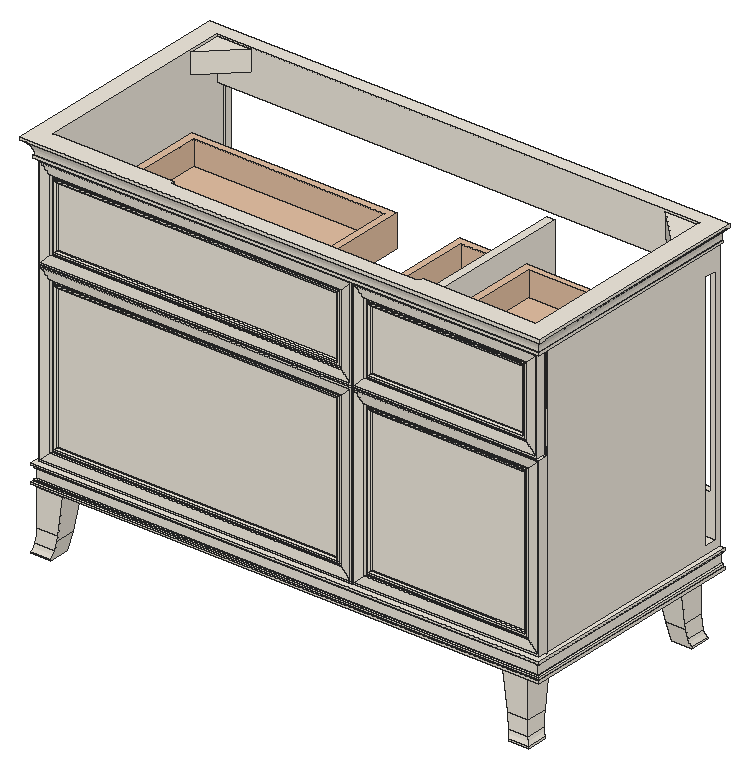
Revit family "Furniture-Floor_Mount-Vanity-KOHLER-Artifacts-K-29481_1", category Casework, host Face, Revit 2021 (continued)
Definition of nested family "K-29481"
  Forms (in)
    Extrusion 102, solid, material <- "Material"
      sketch origin (-12.08136, 0, 0.0026) x (-1, 0, 0) y (0, 0, -1)
        loop
          line (16.15266, -9.03167) -> (14.90599, -9.03167)
      from -6.09855 to 8.99595
    Extrusion 103, solid, material <- "Material", detail levels medium+fine
      sketch origin (-0.07671, 0, -15.15754) x (-1, 0, 0) y (0, 0, -1)
        loop
          line (27.30906, -25.89359) -> (27.30906, -25.76761) -> (27.44685, -25.76761) -> (27.44685, -25.23611) -> (26.58071, -25.23611) -> (26.58071, -25.89359) -> (27.30906, -25.89359)
      from -8.62158 to -8.05131
    Extrusion 104, solid, material <- "Material", detail levels coarse
      sketch origin (-0.15544, 0, 0) x (-1, 0, 0) y (0, -1, 0)
        loop
          line (27.59963, -8.68123) -> (27.59963, -8.28753) -> (26.31024, -8.28753) -> (26.31024, -8.68123) -> (27.59963, -8.68123)
      from 9.13364 to 10.90435
    Revolve 105, solid, detail levels medium+fine
      sketch origin (15.72735, 198.25791, 54.66114) x (0, 0, 1) y (0, -1, 0)
        loop
          line (-54.75956, 189.2126) -> (-54.29455, 189.2126) -> (-54.29455, 189.64567) -> (-54.69443, 189.56794)
          arc (-54.69443, 189.56794) -> (-54.74118, 189.54013) -> (-54.75956, 189.48893) r 0.08049
          line (-54.75956, 189.48893) -> (-54.75956, 189.2126)
        axis (-54.75956, 189.2126) -> (-54.29455, 189.2126)
      angle from 0 to 360
    Revolve 106, solid, detail levels medium+fine
      sketch origin (15.72735, -198.82385, 54.66114) x (0, 0, 1) y (0, -1, 0)
        loop
          line (-54.75956, -189.2126) -> (-54.75956, -189.48893)
          arc (-54.75956, -189.48893) -> (-54.74118, -189.54013) -> (-54.69443, -189.56794) r 0.08049
          line (-54.69443, -189.56794) -> (-54.29455, -189.64567) -> (-54.29455, -189.2126) -> (-54.75956, -189.2126)
        axis (-54.75956, -189.2126) -> (-54.29455, -189.2126)
      angle from 0 to 360
    Revolve 107, solid, detail levels medium+fine
      sketch origin (-28.48325, 198.25791, 54.66114) x (0, 0, 1) y (0, 1, 0)
        loop
          line (-54.75956, -189.2126) -> (-54.75956, -189.48893)
          arc (-54.75956, -189.48893) -> (-54.74118, -189.54013) -> (-54.69443, -189.56794) r 0.08049
          line (-54.69443, -189.56794) -> (-54.29455, -189.64567) -> (-54.29455, -189.2126) -> (-54.75956, -189.2126)
        axis (-54.75956, -189.2126) -> (-54.29455, -189.2126)
      angle from 0 to 360
    Revolve 108, solid, detail levels medium+fine
      sketch origin (-28.48325, -198.82385, 54.66114) x (0, 0, 1) y (0, 1, 0)
        loop
          line (-54.75956, 189.2126) -> (-54.29455, 189.2126) -> (-54.29455, 189.64567) -> (-54.69443, 189.56794)
          arc (-54.69443, 189.56794) -> (-54.74118, 189.54013) -> (-54.75956, 189.48893) r 0.08049
          line (-54.75956, 189.48893) -> (-54.75956, 189.2126)
        axis (-54.75956, 189.2126) -> (-54.29455, 189.2126)
      angle from 0 to 360
    Extrusion 109, void
      sketch origin (0, 0, 0) x (1, 0, 0) y (0, 0, 1)
        loop
          line (15.53741, 9.39353) -> (15.53741, 10.01353)
          arc (15.53741, 10.01353) -> (15.51836, 10.05952) -> (15.47237, 10.07857) r 0.06503
          line (15.47237, 10.07857) -> (14.43627, 10.07857)
          arc (14.43627, 10.07857) -> (14.38808, 10.05861) -> (14.36811, 10.01041) r 0.06815
          line (14.36811, 10.01041) -> (14.36811, 9.39353) -> (15.53741, 9.39353)
        loop
          line (4.65822, 10.07857) -> (3.62211, 10.07857)
          arc (3.62211, 10.07857) -> (3.57613, 10.05952) -> (3.55708, 10.01353) r 0.06503
          line (3.55708, 10.01353) -> (3.55708, 9.39353) -> (4.72637, 9.39353) -> (4.72637, 10.01041)
          arc (4.72637, 10.01041) -> (4.70641, 10.05861) -> (4.65822, 10.07857) r 0.06815
        loop
          line (0.88605, 9.39353) -> (0.88605, 10.01353)
          arc (0.88605, 10.01353) -> (0.867, 10.05952) -> (0.82101, 10.07857) r 0.06503
          line (0.82101, 10.07857) -> (-0.21509, 10.07857)
          arc (-0.21509, 10.07857) -> (-0.26328, 10.05861) -> (-0.28324, 10.01041) r 0.06815
          line (-0.28324, 10.01041) -> (-0.28324, 9.39353) -> (0.88605, 9.39353)
        loop
          line (-27.50591, 10.01353) -> (-27.50591, 9.39353) -> (-26.33662, 9.39353) -> (-26.33662, 10.01041)
          arc (-26.33662, 10.01041) -> (-26.35658, 10.05861) -> (-26.40477, 10.07857) r 0.06815
          line (-26.40477, 10.07857) -> (-27.44087, 10.07857)
          arc (-27.44087, 10.07857) -> (-27.48686, 10.05952) -> (-27.50591, 10.01353) r 0.06503
      from -7.21545 to 9.84252
  Cuts and joins
    joined: Sweep 7, Extrusion 8
    joined: Sweep 10, Extrusion 12
    joined: Extrusion 4, Sweep 5, Extrusion 6, Extrusion 9, Sweep 11, Extrusion 13
    Extrusion 15 cuts Extrusion 14
    Extrusion 15 cuts Extrusion 16
    Extrusion 19 cuts Extrusion 17
    Extrusion 19 cuts Extrusion 18
    Extrusion 3, Extrusion 73, Extrusion 95, Extrusion 97 cuts Sweep 1
    Extrusion 3, Extrusion 74, Extrusion 95, Extrusion 97 cuts Extrusion 2
    joined: Sweep 1, Extrusion 2
    Extrusion 28, Extrusion 109 cuts Extrusion 29
    Extrusion 3 cuts Sweep 75
    Extrusion 3, Extrusion 95 cuts Extrusion 76
    joined: Sweep 75, Extrusion 76
    joined: Sweep 79, Extrusion 80
    joined: Sweep 81, Extrusion 82
    joined: Extrusion 85, Sweep 86
    joined: Sweep 83, Extrusion 84
    Extrusion 96, Extrusion 109 cuts Extrusion 21
    Extrusion 109 cuts Extrusion 23
    Extrusion 109 cuts Extrusion 27
  Lines and regions (in)
    Masking region 1
      outline origin (0, 1.36413, 0) x (0, 1, 0) y (0, 0, 1)
        loop
          line (-12.56492, 34.48797) -> (-12.56492, 34.17301)
          arc (-12.56492, 34.17301) -> (-12.01259, 33.64898) -> (-11.81689, 32.91319) r 1.39763
          line (-11.81689, 32.91319) -> (-11.935, 32.91319) -> (-11.935, 32.67697) -> (-10.83264, 32.67697) -> (-10.83264, 27.71645) -> (-10.87129, 27.71645)
          arc (-10.87129, 27.71645) -> (-10.9274, 27.69321) -> (-10.95064, 27.63709) r 0.07936
          line (-10.95064, 27.63709) -> (-10.95064, 32.55897) -> (-11.73804, 32.55897) -> (-11.73804, 23.97629) -> (-10.95064, 23.97629) -> (-10.95064, 24.76369) -> (-10.83264, 24.76369) -> (-10.83264, 15.51233) -> (-10.8725, 15.51233)
          arc (-10.8725, 15.51233) -> (-10.92775, 15.48944) -> (-10.95064, 15.43419) r 0.07814
          line (-10.95064, 15.43419) -> (-10.95064, 23.85848) -> (-11.73804, 23.85848) -> (-11.73804, 7.63801) -> (-10.95064, 7.63801) -> (-10.95064, 9.60682) -> (-10.83264, 9.60682) -> (-10.83264, 7.51946) -> (-12.09248, 7.51946) -> (-12.09248, 7.28324) -> (-11.97433, 7.28324) -> (-11.97433, 7.16513)
          arc (-11.97433, 7.16513) -> (-11.92386, 7.11349) -> (-11.89563, 7.04702) r 0.19515
          line (-11.89563, 7.04702) -> (-11.77748, 7.04702) -> (-11.77748, 6.18088) -> (-11.89563, 6.18088)
          arc (-11.89563, 6.18088) -> (-11.92383, 6.11439) -> (-11.97433, 6.06277) r 0.19455
          line (-11.97433, 6.06277) -> (-11.97433, 5.94466) -> (-12.09248, 5.94466) -> (-12.09248, 5.70844) -> (-11.77641, 5.70844) -> (-11.77641, 2.07893)
          arc (-11.77641, 2.07893) -> (-11.79711, 1.43081) -> (-11.85913, 0.78533) r 10.15706
          arc (-11.85913, 0.78533) -> (-11.93946, 0.43926) -> (-12.09138, 0.11812) r 1.66494
          line (-12.09138, 0.11812) -> (-12.09138, 0) -> (-11.39279, 0) -> (-11.33551, -0.09921)
          arc (-11.33551, -0.09921) -> (-11.32167, -0.11305) -> (-11.30277, -0.11811) r 0.03781
          line (-11.30277, -0.11811) -> (-10.67399, -0.11811)
          arc (-10.67399, -0.11811) -> (-10.64232, -0.10888) -> (-10.62056, -0.08407) r 0.05896
          line (-10.62056, -0.08407) -> (-10.58136, 0) -> (-10.28035, 0) -> (-10.2487, 0.11812)
          arc (-10.2487, 0.11812) -> (-10.16626, 0.45028) -> (-10.09618, 0.78527) r 9.24047
          arc (-10.09618, 0.78527) -> (-10.02912, 1.15598) -> (-9.96859, 1.52781) r 21.45238
          line (-9.96859, 1.52781) -> (-9.41421, 5.47244) -> (-7.51622, 5.47244) -> (-7.51622, 5.70844) -> (3.96134, 5.70844) -> (3.96134, 5.47244) -> (5.8604, 5.47244) -> (6.41478, 1.52781)
          arc (6.41478, 1.52781) -> (6.47531, 1.15598) -> (6.54236, 0.78527) r 21.45238
          arc (6.54236, 0.78527) -> (6.61245, 0.45028) -> (6.69489, 0.11812) r 9.24047
          line (6.69489, 0.11812) -> (6.72654, 0) -> (7.14237, 0) -> (7.21145, -0.09866)
          arc (7.21145, -0.09866) -> (7.22776, -0.11296) -> (7.24882, -0.11811) r 0.04562
          line (7.24882, -0.11811) -> (7.98766, -0.11811)
          arc (7.98766, -0.11811) -> (8.00859, -0.11201) -> (8.02296, -0.09562) r 0.03895
          line (8.02296, -0.09562) -> (8.06755, 0) -> (8.53756, 0) -> (8.53756, 0.11812)
          arc (8.53756, 0.11812) -> (8.38564, 0.43926) -> (8.30531, 0.78533) r 1.66494
          arc (8.30531, 0.78533) -> (8.2433, 1.43081) -> (8.2226, 2.07893) r 10.15706
          line (8.2226, 2.07893) -> (8.2226, 5.70844) -> (9.32484, 5.70844) -> (9.32484, 34.48797) -> (-12.56492, 34.48797)
    Masking region 2
      outline origin (0, 0, 0) x (1, 0, 0) y (0, 0, 1)
        loop
          line (-30, 34.48797) -> (-30, 34.17301)
          arc (-30, 34.17301) -> (-29.45442, 33.64495) -> (-29.25197, 32.91317) r 1.44471
          line (-29.25197, 32.91317) -> (-29.37008, 32.91317) -> (-29.37008, 32.67694) -> (-29.05512, 32.67694) -> (-29.05512, 7.51946) -> (-29.37008, 7.51946) -> (-29.37008, 7.28324) -> (-29.25197, 7.28324) -> (-29.25197, 7.16513)
          arc (-29.25197, 7.16513) -> (-29.20101, 7.1138) -> (-29.17323, 7.04702) r 0.18791
          line (-29.17323, 7.04702) -> (-29.05512, 7.04702) -> (-29.05512, 6.18088) -> (-29.17323, 6.18088)
          arc (-29.17323, 6.18088) -> (-29.20143, 6.11438) -> (-29.25197, 6.06277) r 0.19437
          line (-29.25197, 6.06277) -> (-29.25197, 5.94466) -> (-29.37008, 5.94466) -> (-29.37008, 5.70844) -> (-29.05777, 5.70844) -> (-29.05777, 2.07893)
          arc (-29.05777, 2.07893) -> (-29.07485, 1.43058) -> (-29.14049, 0.78533) r 8.64397
          arc (-29.14049, 0.78533) -> (-29.2238, 0.4403) -> (-29.37273, 0.11811) r 1.81328
          line (-29.37273, 0.11811) -> (-29.37273, 0) -> (-28.80517, 0) -> (-28.69859, -0.10658)
          arc (-28.69859, -0.10658) -> (-28.68581, -0.11511) -> (-28.67075, -0.11811) r 0.03937
          line (-28.67075, -0.11811) -> (-28.45669, -0.11811) -> (-28.20573, -0.11811)
          arc (-28.20573, -0.11811) -> (-28.19066, -0.11511) -> (-28.17789, -0.10658) r 0.03937
          line (-28.17789, -0.10658) -> (-28.07131, 0) -> (-27.56171, 0)
          arc (-27.56171, 0) -> (-27.37862, 0.78501) -> (-27.24268, 1.57954) r 13.51115
          line (-27.24268, 1.57954) -> (-26.69557, 5.47244) -> (-24.79386, 5.47244) -> (-24.79386, 5.70844) -> (12.03795, 5.70844) -> (12.03795, 5.47244) -> (13.93966, 5.47244) -> (14.48678, 1.57954)
          arc (14.48678, 1.57954) -> (14.62272, 0.78501) -> (14.80581, 0) r 13.51115
          line (14.80581, 0) -> (15.23622, 0) -> (15.3428, -0.10658)
          arc (15.3428, -0.10658) -> (15.35558, -0.11511) -> (15.37064, -0.11811) r 0.03937
          line (15.37064, -0.11811) -> (15.98335, -0.11811)
          arc (15.98335, -0.11811) -> (16.00303, -0.11284) -> (16.01744, -0.09843) r 0.03937
          line (16.01744, -0.09843) -> (16.07427, 0) -> (16.53544, 0) -> (16.53544, 0.11811)
          arc (16.53544, 0.11811) -> (16.3865, 0.4403) -> (16.30319, 0.78533) r 1.81328
          arc (16.30319, 0.78533) -> (16.23755, 1.43058) -> (16.22048, 2.07893) r 8.64397
          line (16.22048, 2.07893) -> (16.22048, 5.70844) -> (17.40158, 5.70844) -> (17.40158, 5.94466) -> (17.28347, 5.94466) -> (17.28347, 6.06277)
          arc (17.28347, 6.06277) -> (17.23293, 6.11438) -> (17.20473, 6.18088) r 0.19437
          line (17.20473, 6.18088) -> (17.08662, 6.18088) -> (17.08662, 7.04702) -> (17.20473, 7.04702)
          arc (17.20473, 7.04702) -> (17.23251, 7.1138) -> (17.28347, 7.16513) r 0.18791
          line (17.28347, 7.16513) -> (17.28347, 7.28324) -> (17.40158, 7.28324) -> (17.40158, 7.51946) -> (17.08662, 7.51946) -> (17.08662, 32.67694) -> (17.40158, 32.67694) -> (17.40158, 32.91317) -> (17.28347, 32.91317)
          arc (17.28347, 32.91317) -> (17.48592, 33.64495) -> (18.0315, 34.17301) r 1.44471
          line (18.0315, 34.17301) -> (18.0315, 34.48797) -> (-0.21116, 34.48797) -> (-30, 34.48797)
    Masking region 3
      outline origin (0, 0, 0) x (1, 0, 0) y (0, 1, 0)
        loop
          line (-30, 10.68898) -> (-30, -11.20079) -> (18.0315, -11.20079) -> (18.0315, 10.68898) -> (0, 10.68898) -> (-28.11023, 10.68898) -> (-30, 10.68898)
    symbolic lines, detail levels medium+fine
      curve 1: line (0, -9.4685, 27.71643) -> (0, -9.4685, 24.76356)
      curve 2: line (0, -9.5865, 15.43698) -> (0, -9.5865, 9.60118)
      curve 3: line (0, -9.4685, 15.51164) -> (0, -9.4685, 9.60118)
      curve 4: line (0, 9.58674, 5.70844) -> (0, 5.32548, 5.70844)
      curve 5: line (0, -6.15208, 5.70844) -> (0, -10.41228, 5.70844)
      curve 6: line (0, -10.61019, 7.28324) -> (0, 10.68898, 7.28324)
      curve 7: line (0, -9.4685, 7.51946) -> (0, 10.68898, 7.51946)
      curve 8: line (0, -10.61019, 7.16513) -> (0, 10.68898, 7.16513)
      curve 9: line (0, -10.41334, 7.04702) -> (0, 10.68898, 7.04702)
      curve 10: line (0, -10.41339, 6.18088) -> (0, 10.68893, 6.18088)
      curve 11: line (0, -10.61019, 6.06277) -> (0, 10.68893, 6.06277)
      curve 12: line (0, -10.61024, 5.94466) -> (0, 10.68893, 5.94466)
      curve 13: line (0, -9.4685, 32.67694) -> (0, 10.68898, 32.67694)
      curve 14: line (0, 7.22453, 5.47244) -> (0, 9.58674, 5.47244)
      curve 15: line (0, -7.88001, 5.47244) -> (0, -10.41228, 5.47244)
      curve 16: line (0, 7.0534, 5.47244) -> (0, 7.0534, 5.70844)
      curve 17: line (0, -7.88001, 5.47244) -> (0, -7.88001, 5.70844)
      curve 18: line (0, -11.20079, 34.17301) -> (0, 10.68898, 34.17301)
      curve 19: line (0, -10.45276, 32.91317) -> (0, 10.68898, 32.91317)
      curve 20: line (0, -9.58651, 27.63709) -> (0, -9.58651, 24.76369)
      curve 21: line (-30, 0, 34.17301) -> (18.0315, 0, 34.17301)
      curve 22: line (-29.05512, 0, 32.67694) -> (17.20473, 0, 32.67694)
      curve 23: line (17.28347, 0, 32.91317) -> (-29.25197, 0, 32.91317)
      curve 24: line (-29.05512, 0, 7.51946) -> (17.08662, 0, 7.51946)
      curve 25: line (17.28347, 0, 7.28324) -> (-29.25197, 0, 7.28324)
      curve 26: line (-29.25197, 0, 7.16513) -> (17.28347, 0, 7.16513)
      curve 27: line (17.08662, 0, 7.04702) -> (-29.05512, 0, 7.04702)
      curve 28: line (-29.05512, 0, 5.70844) -> (16.61417, 0, 5.70844)
      curve 29: line (17.40158, 0, 5.94466) -> (-29.25197, 0, 5.94466)
      curve 30: line (-29.25197, 0, 6.06277) -> (17.28347, 0, 6.06277)
      curve 31: line (17.08662, 0, 6.18088) -> (-29.05512, 0, 6.18088)
      curve 32: line (-26.69557, 0, 5.47244) -> (-29.05777, 0, 5.47244)
      curve 33: line (-28.95669, 0, 32.55883) -> (-28.95669, 0, 23.97616)
      curve 34: line (1.51575, 0, 32.55883) -> (-28.95669, 0, 32.55883)
      curve 35: line (1.39764, 0, 32.44072) -> (-28.83858, 0, 32.44072)
      curve 36: line (-27.42126, 0, 31.0234) -> (-28.95669, 0, 32.55883)
      curve 37: line (-28.83858, 0, 32.44072) -> (-28.83858, 0, 24.09427)
      curve 38: line (-28.95669, 0, 23.97616) -> (1.51575, 0, 23.97616)
      curve 39: line (-28.83858, 0, 24.09427) -> (1.39764, 0, 24.09427)
      curve 40: line (-27.42126, 0, 25.51159) -> (-28.95669, 0, 23.97616)
      curve 41: line (-27.97244, 0, 31.57458) -> (-27.97244, 0, 24.96041)
      curve 42: line (-27.95275, 0, 24.98009) -> (-27.95275, 0, 31.5549)
      curve 43: line (0.5315, 0, 24.98009) -> (-27.95275, 0, 24.98009)
      curve 44: line (-27.97244, 0, 24.96041) -> (0.51181, 0, 24.96041)
      curve 45: line (-27.79527, 0, 25.13757) -> (0.35433, 0, 25.13757)
      curve 46: line (-27.77559, 0, 31.37773) -> (-27.77559, 0, 25.15726)
      curve 47: line (-27.79527, 0, 31.39742) -> (-27.79527, 0, 25.13757)
      curve 48: line (-27.77559, 0, 25.15726) -> (0.33465, 0, 25.15726)
      curve 49: line (-27.79527, 0, 25.13757) -> (0.35433, 0, 25.13757)
      curve 50: line (-27.65748, 0, 25.27537) -> (0.21654, 0, 25.27537)
      curve 51: line (-27.65748, 0, 31.25962) -> (-27.65748, 0, 25.27537)
      curve 52: line (-27.42126, 0, 31.0234) -> (-27.42126, 0, 25.51159)
      curve 53: line (-27.46063, 0, 31.06277) -> (-27.46063, 0, 25.47222)
      curve 54: line (0.5315, 0, 31.57458) -> (-27.97244, 0, 31.57458)
      curve 55: line (-27.95275, 0, 31.5549) -> (0.51181, 0, 31.5549)
      curve 56: line (0.35433, 0, 31.39742) -> (-27.79527, 0, 31.39742)
      curve 57: line (0.33465, 0, 31.37773) -> (-27.77559, 0, 31.37773)
      curve 58: line (0.21654, 0, 31.25962) -> (-27.65748, 0, 31.25962)
      curve 59: line (0.01969, 0, 31.06277) -> (-27.46063, 0, 31.06277)
      curve 60: line (-0.01968, 0, 31.0234) -> (-27.42126, 0, 31.0234)
      curve 61: line (0.5315, 0, 24.98009) -> (0.5315, 0, 31.57458)
      curve 62: line (0.51181, 0, 31.5549) -> (0.51181, 0, 24.96041)
      curve 63: line (0.35433, 0, 25.13757) -> (0.35433, 0, 31.39742)
      curve 64: line (0.33465, 0, 25.15726) -> (0.33465, 0, 31.37773)
      curve 65: line (0.21654, 0, 25.27537) -> (0.21654, 0, 31.25962)
      curve 66: line (0.01969, 0, 25.47222) -> (0.01969, 0, 31.06277)
      curve 67: line (-0.01968, 0, 25.51159) -> (-0.01968, 0, 31.0234)
      curve 68: line (1.51575, 0, 32.55883) -> (-0.01968, 0, 31.0234)
      curve 69: line (1.39764, 0, 24.09427) -> (1.39764, 0, 32.44072)
      curve 70: line (1.51575, 0, 23.97616) -> (1.51575, 0, 32.55883)
      curve 71: line (1.51575, 0, 23.97616) -> (-0.01968, 0, 25.51159)
      curve 72: line (1.51575, 0, 23.85805) -> (-28.95669, 0, 23.85805)
      curve 73: line (-28.95669, 0, 23.85805) -> (-28.95669, 0, 7.63757)
      curve 74: line (-28.83858, 0, 23.73994) -> (-28.83858, 0, 7.75569)
      curve 75: line (-28.83858, 0, 7.75569) -> (1.39764, 0, 7.75569)
      curve 76: line (-28.95669, 0, 7.63757) -> (1.51575, 0, 7.63757)
      curve 77: line (-27.42126, 0, 9.17301) -> (-28.95669, 0, 7.63757)
      curve 78: line (-28.34646, 0, 7.63757) -> (-28.34646, 0, 7.51946)
      curve 79: line (-28.3447, 0, 32.55883) -> (-28.3447, 0, 32.67694)
      curve 80: line (1.39764, 0, 23.73994) -> (-28.83858, 0, 23.73994)
      curve 81: line (-27.97244, 0, 22.8738) -> (-27.97244, 0, 8.62183)
      curve 82: line (-27.95275, 0, 8.64151) -> (-27.95275, 0, 22.85411)
      curve 83: line (-27.79527, 0, 22.69663) -> (-27.79527, 0, 8.79899)
      curve 84: line (-27.77559, 0, 22.67694) -> (-27.77559, 0, 8.81868)
      curve 85: line (-27.65748, 0, 22.55883) -> (-27.65748, 0, 8.93679)
      curve 86: line (-27.46063, 0, 22.36198) -> (-27.46063, 0, 9.13364)
      curve 87: line (-27.42126, 0, 22.32261) -> (-27.42126, 0, 9.17301)
      curve 88: line (-27.42126, 0, 22.32261) -> (-28.95669, 0, 23.85805)
      curve 89: line (0.5315, 0, 22.8738) -> (-27.97244, 0, 22.8738)
      curve 90: line (-27.95275, 0, 22.85411) -> (0.51181, 0, 22.85411)
      curve 91: line (0.33465, 0, 22.67694) -> (-27.77559, 0, 22.67694)
      curve 92: line (0.35433, 0, 22.69663) -> (-27.79527, 0, 22.69663)
      curve 93: line (0.21654, 0, 22.55883) -> (-27.65748, 0, 22.55883)
      curve 94: line (0.01969, 0, 22.36198) -> (-27.46063, 0, 22.36198)
      curve 95: line (-0.01968, 0, 22.32261) -> (-27.42126, 0, 22.32261)
      curve 96: line (-27.42126, 0, 9.17301) -> (-0.01968, 0, 9.17301)
      curve 97: line (-27.46063, 0, 9.13364) -> (0.01969, 0, 9.13364)
      curve 98: line (-1.37795, 0, 8.93679) -> (-27.65748, 0, 8.93679)
      curve 99: line (-27.77559, 0, 8.81868) -> (0.33465, 0, 8.81868)
      curve 100: line (-27.79527, 0, 8.79899) -> (0.35433, 0, 8.79899)
      curve 101: line (-27.97244, 0, 8.62183) -> (0.5315, 0, 8.62183)
      curve 102: line (0.51181, 0, 8.64151) -> (-27.95275, 0, 8.64151)
      curve 103: line (1.51575, 0, 7.63757) -> (1.51575, 0, 23.85805)
      curve 104: line (1.39764, 0, 7.75569) -> (1.39764, 0, 23.73994)
      curve 105: line (0.5315, 0, 8.62183) -> (0.5315, 0, 22.8738)
      curve 106: line (0.51181, 0, 22.85411) -> (0.51181, 0, 8.64151)
      curve 107: line (0.33465, 0, 8.81868) -> (0.33465, 0, 22.67694)
      curve 108: line (0.35433, 0, 8.79899) -> (0.35433, 0, 22.69663)
      curve 109: line (0.21654, 0, 8.93679) -> (0.21654, 0, 22.55883)
      curve 110: line (0.01969, 0, 9.13364) -> (0.01969, 0, 22.36198)
      curve 111: line (-0.01968, 0, 9.17301) -> (-0.01968, 0, 22.32261)
      curve 112: line (1.51575, 0, 23.85805) -> (-0.01968, 0, 22.32261)
      curve 113: line (1.51575, 0, 7.63757) -> (-0.01968, 0, 9.17301)
      curve 114: line (13.84124, 0, 5.47244) -> (16.22048, 0, 5.47244)
      curve 115: line (17.08662, 0, 32.55883) -> (17.08662, 0, 23.97616)
      curve 116: line (1.63386, 0, 32.55883) -> (17.08662, 0, 32.55883)
      curve 117: line (1.75197, 0, 32.44072) -> (16.96851, 0, 32.44072)
      curve 118: line (15.55118, 0, 31.0234) -> (17.08662, 0, 32.55883)
      curve 119: line (16.96851, 0, 32.44072) -> (16.96851, 0, 24.09427)
      curve 120: line (17.08662, 0, 23.97616) -> (1.63386, 0, 23.97616)
      curve 121: line (16.96851, 0, 24.09427) -> (1.75197, 0, 24.09427)
      curve 122: line (15.55118, 0, 25.51159) -> (17.08662, 0, 23.97616)
      curve 123: line (16.10236, 0, 31.57458) -> (16.10236, 0, 24.96041)
      curve 124: line (16.08268, 0, 24.98009) -> (16.08268, 0, 31.5549)
      curve 125: line (2.61811, 0, 24.98009) -> (16.08268, 0, 24.98009)
      curve 126: line (16.10236, 0, 24.96041) -> (2.6378, 0, 24.96041)
      curve 127: line (15.9252, 0, 25.13757) -> (2.79528, 0, 25.13757)
      curve 128: line (15.90551, 0, 31.37773) -> (15.90551, 0, 25.15726)
      curve 129: line (15.9252, 0, 31.39742) -> (15.9252, 0, 25.13757)
      curve 130: line (15.90551, 0, 25.15726) -> (2.81496, 0, 25.15726)
      curve 131: line (15.9252, 0, 25.13757) -> (2.79528, 0, 25.13757)
      curve 132: line (15.7874, 0, 25.27537) -> (2.93307, 0, 25.27537)
      curve 133: line (15.7874, 0, 31.25962) -> (15.7874, 0, 25.27537)
      curve 134: line (15.55118, 0, 31.0234) -> (15.55118, 0, 25.51159)
      curve 135: line (15.59055, 0, 31.06277) -> (15.59055, 0, 25.47222)
      curve 136: line (2.61811, 0, 31.57458) -> (16.10236, 0, 31.57458)
      curve 137: line (16.08268, 0, 31.5549) -> (2.6378, 0, 31.5549)
      curve 138: line (2.79528, 0, 31.39742) -> (15.9252, 0, 31.39742)
      curve 139: line (2.81496, 0, 31.37773) -> (15.90551, 0, 31.37773)
      curve 140: line (2.93307, 0, 31.25962) -> (15.7874, 0, 31.25962)
      curve 141: line (3.12992, 0, 31.06277) -> (15.59055, 0, 31.06277)
      curve 142: line (3.16929, 0, 31.0234) -> (15.55118, 0, 31.0234)
      curve 143: line (2.61811, 0, 24.98009) -> (2.61811, 0, 31.57458)
      curve 144: line (2.6378, 0, 31.5549) -> (2.6378, 0, 24.96041)
      curve 145: line (2.79528, 0, 25.13757) -> (2.79528, 0, 31.39742)
      curve 146: line (2.81496, 0, 25.15726) -> (2.81496, 0, 31.37773)
      curve 147: line (2.93307, 0, 25.27537) -> (2.93307, 0, 31.25962)
      curve 148: line (3.12992, 0, 25.47222) -> (3.12992, 0, 31.06277)
      curve 149: line (3.16929, 0, 25.51159) -> (3.16929, 0, 31.0234)
      curve 150: line (1.63386, 0, 32.55883) -> (3.16929, 0, 31.0234)
      curve 151: line (1.75197, 0, 24.09427) -> (1.75197, 0, 32.44072)
      curve 152: line (1.63386, 0, 23.97616) -> (1.63386, 0, 32.55883)
      curve 153: line (1.63386, 0, 23.97616) -> (3.16929, 0, 25.51159)
      curve 154: line (1.63386, 0, 23.85805) -> (17.08662, 0, 23.85805)
      curve 155: line (17.08662, 0, 23.85805) -> (17.08662, 0, 7.63757)
      curve 156: line (16.96851, 0, 23.73994) -> (16.96851, 0, 7.75569)
      curve 157: line (16.96851, 0, 7.75569) -> (1.75197, 0, 7.75569)
      curve 158: line (17.08662, 0, 7.63757) -> (1.63386, 0, 7.63757)
      curve 159: line (15.55118, 0, 9.17301) -> (17.08662, 0, 7.63757)
      curve 160: line (16.47638, 0, 7.63757) -> (16.47638, 0, 7.51946)
      curve 161: line (16.47462, 0, 32.55883) -> (16.47462, 0, 32.67694)
      curve 162: line (1.75197, 0, 23.73994) -> (16.96851, 0, 23.73994)
      curve 163: line (16.10236, 0, 22.8738) -> (16.10236, 0, 8.62183)
      curve 164: line (16.08268, 0, 8.64151) -> (16.08268, 0, 22.85411)
      curve 165: line (15.9252, 0, 22.69663) -> (15.9252, 0, 8.79899)
      curve 166: line (15.90551, 0, 22.67694) -> (15.90551, 0, 8.81868)
      curve 167: line (15.7874, 0, 22.55883) -> (15.7874, 0, 8.93679)
      curve 168: line (15.59055, 0, 22.36198) -> (15.59055, 0, 9.13364)
      curve 169: line (15.55118, 0, 22.32261) -> (15.55118, 0, 9.17301)
      curve 170: line (15.55118, 0, 22.32261) -> (17.08662, 0, 23.85805)
      curve 171: line (2.61811, 0, 22.8738) -> (16.10236, 0, 22.8738)
      curve 172: line (16.08268, 0, 22.85411) -> (2.6378, 0, 22.85411)
      curve 173: line (2.81496, 0, 22.67694) -> (15.90551, 0, 22.67694)
      curve 174: line (2.79528, 0, 22.69663) -> (15.9252, 0, 22.69663)
      curve 175: line (2.93307, 0, 22.55883) -> (15.7874, 0, 22.55883)
      curve 176: line (3.12992, 0, 22.36198) -> (15.59055, 0, 22.36198)
      curve 177: line (3.16929, 0, 22.32261) -> (15.55118, 0, 22.32261)
      curve 178: line (15.55118, 0, 9.17301) -> (3.16929, 0, 9.17301)
      curve 179: line (15.59055, 0, 9.13364) -> (3.12992, 0, 9.13364)
      curve 180: line (1.37795, 0, 8.93679) -> (15.7874, 0, 8.93679)
      curve 181: line (15.90551, 0, 8.81868) -> (2.81496, 0, 8.81868)
      curve 182: line (15.9252, 0, 8.79899) -> (2.79528, 0, 8.79899)
      curve 183: line (16.10236, 0, 8.62183) -> (2.61811, 0, 8.62183)
      curve 184: line (2.6378, 0, 8.64151) -> (16.08268, 0, 8.64151)
      curve 185: line (1.63386, 0, 7.63757) -> (1.63386, 0, 23.85805)
      curve 186: line (1.75197, 0, 7.75569) -> (1.75197, 0, 23.73994)
      curve 187: line (2.61811, 0, 8.62183) -> (2.61811, 0, 22.8738)
      curve 188: line (2.6378, 0, 22.85411) -> (2.6378, 0, 8.64151)
      curve 189: line (2.81496, 0, 8.81868) -> (2.81496, 0, 22.67694)
      curve 190: line (2.79528, 0, 8.79899) -> (2.79528, 0, 22.69663)
      curve 191: line (2.93307, 0, 8.93679) -> (2.93307, 0, 22.55883)
      curve 192: line (3.12992, 0, 9.13364) -> (3.12992, 0, 22.36198)
      curve 193: line (3.16929, 0, 9.17301) -> (3.16929, 0, 22.32261)
      curve 194: line (1.63386, 0, 23.85805) -> (3.16929, 0, 22.32261)
      curve 195: line (1.63386, 0, 7.63757) -> (3.16929, 0, 9.17301)
      curve 196: line (1.22048, 0, 32.55883) -> (1.22048, 0, 32.67694)
      curve 197: line (1.92914, 0, 32.67694) -> (1.92914, 0, 32.55883)
      curve 198: line (1.22048, 0, 23.97616) -> (1.22048, 0, 23.85805)
      curve 199: line (1.92914, 0, 23.85805) -> (1.92914, 0, 23.97616)
      curve 200: line (16.07427, 0, 0) -> (15.23622, 0, 0)
      curve 201: line (-28.80517, 0, 0) -> (-28.07131, 0, 0)
      curve 202: line (-29.05512, -10.25591, 0) -> (-30, -11.20079, 0)
      curve 203: line (-29.05512, -10.25591, 0) -> (-29.05512, 10.68898, 0)
      curve 204: line (-29.05512, -10.25591, 0) -> (17.08681, -10.25591, 0)
      curve 205: line (-17.59904, -9.4685, 0) -> (-29.05512, -9.4685, 0)
      curve 206: line (-28.34646, -9.42913, 0) -> (-29.05512, -9.42913, 0)
      curve 207: line (-28.34646, -9.4685, 0) -> (-28.34646, 10.68898, 0)
      curve 208: line (-28.11112, -8.99595, 0) -> (-28.11112, -9.4685, 0)
      curve 209: line (1.21959, -8.99595, 0) -> (-28.34646, -8.99595, 0)
      curve 210: line (-28.30709, 10.68898, 0) -> (-28.30709, 9.98031, 0)
      curve 211: line (-28.34646, 9.98031, 0) -> (16.37815, 9.98031, 0)
      curve 212: line (-28.34646, 6.63976, 0) -> (-25.0059, 9.98031, 0)
      curve 213: line (-27.63779, 7.34843, 0) -> (-27.63779, 6.3584, 0)
      curve 214: line (-28.11112, 6.3584, 0) -> (-27.49391, 6.3584, 0)
      curve 215: line (-27.49391, 6.3584, 0) -> (-27.49391, 6.7521, 0)
      curve 216: line (-27.49391, 6.7521, 0) -> (-26.34575, 6.7521, 0)
      curve 217: line (-26.34575, 6.7521, 0) -> (-26.34575, 6.3584, 0)
      curve 218: line (-28.11112, 6.3584, 0) -> (1.21959, 6.3584, 0)
      curve 219: line (-28.11112, 6.3584, 0) -> (-28.11112, 5.76785, 0)
      curve 220: line (-28.11112, 5.76785, 0) -> (1.21959, 5.76785, 0)
      curve 221: line (1.21959, 6.3584, 0) -> (1.21959, -9.5865, 0)
      curve 222: line (-28.23546, -8.99595, 0) -> (-28.23546, 1.63235, 0)
      curve 223: line (-28.34646, 1.63235, 0) -> (-28.07087, 1.63235, 0)
      curve 224: arc (-28.23546, -8.74205, 0) -> (-28.1618, -8.69136, 0) -> (-28.11112, -8.61771, 0) r 0.24615
      curve 225: arc (-28.23546, -8.27972, 0) -> (-28.17131, -8.32043, 0) -> (-28.11112, -8.36678, 0) r 0.83794
      curve 226: arc (-28.23546, -7.88191, 0) -> (-28.17035, -7.85921, 0) -> (-28.11112, -7.82393, 0) r 0.34239
      curve 227: arc (-28.23546, -7.46304, 0) -> (-28.17305, -7.47882, 0) -> (-28.11112, -7.49636, 0) r 2.28168
      curve 228: line (-28.23546, -6.24167, 0) -> (-28.11112, -6.24167, 0)
      curve 229: line (-28.11112, -6.27246, 0) -> (-28.23546, -6.27246, 0)
      curve 230: line (-28.18275, -6.27246, 0) -> (-28.18275, -6.62718, 0)
      curve 231: line (-28.18275, -6.62718, 0) -> (-28.16007, -6.64986, 0)
      curve 232: line (-28.16007, -6.64986, 0) -> (-28.11112, -6.64986, 0)
      curve 233: line (-28.11112, -6.60205, 0) -> (-28.14231, -6.60205, 0)
      curve 234: line (-28.14231, -6.60205, 0) -> (-28.14231, -6.27246, 0)
      curve 235: line (-28.14231, -6.37248, 0) -> (-28.11112, -6.37248, 0)
      curve 236: line (-28.11112, -6.4175, 0) -> (-28.14231, -6.4175, 0)
      curve 237: line (-28.13216, -5.24243, 0) -> (-28.13216, -5.65159, 0)
      curve 238: line (-28.13216, -5.65159, 0) -> (-28.17417, -5.71159, 0)
      curve 239: line (-28.17417, -5.71159, 0) -> (-28.23546, -5.71159, 0)
      curve 240: line (-27.52057, -8.99595, 0) -> (-27.52057, 5.76785, 0)
      curve 241: line (-10.11857, 5.76785, 0) -> (-10.11857, -8.99595, 0)
      curve 242: line (-9.52801, -8.99595, 0) -> (-9.52801, 5.76785, 0)
      curve 243: line (-9.52801, -4.74398, 0) -> (-3.70151, -4.74398, 0)
      curve 244: line (-3.70151, -4.15343, 0) -> (-9.52801, -4.15343, 0)
      curve 245: line (-3.70151, 5.76785, 0) -> (-3.70151, -8.99595, 0)
      curve 246: line (-3.11096, -8.99595, 0) -> (-3.11096, 5.76785, 0)
      curve 247: line (-17.47771, -9.5865, 0) -> (1.75188, -9.5865, 0)
      curve 248: line (1.75188, -9.5865, 0) -> (1.75188, -9.8622, 0)
      curve 249: line (1.75188, -9.8622, 0) -> (1.87062, -9.8622, 0)
      curve 250: line (1.87062, -9.8622, 0) -> (1.87062, -9.5865, 0)
      curve 251: line (1.87062, -9.5865, 0) -> (5.50947, -9.5865, 0)
      curve 252: line (-0.55206, 6.3584, 0) -> (-0.55206, 6.7521, 0)
      curve 253: line (-0.55206, 6.7521, 0) -> (0.60633, 6.7521, 0)
      curve 254: line (0.60633, 6.7521, 0) -> (0.60633, 6.3584, 0)
      curve 255: line (0.17789, 6.3584, 0) -> (0.17789, 6.70194, 0)
      curve 256: line (0.53122, 6.70194, 0) -> (0.53122, 6.3584, 0)
      curve 257: line (0.17789, 6.42094, 0) -> (0.53122, 6.42094, 0)
      curve 258: line (0.24466, 6.42094, 0) -> (0.24466, 6.3584, 0)
      curve 259: line (0.46027, 6.42094, 0) -> (0.46027, 6.3584, 0)
      curve 260: line (0.26888, 6.42094, 0) -> (0.32882, 6.50654, 0)
      curve 261: line (0.43749, 6.42094, 0) -> (0.37756, 6.50654, 0)
      curve 262: arc (0.32882, 6.50654, 0) -> (0.35319, 6.51923, 0) -> (0.37756, 6.50654, 0) r 0.02975
      curve 263: circle (0.23548, 6.59532, 0) r 0.03017 normal (0, 0, 1)
      curve 264: circle (0.4732, 6.59532, 0) r 0.03017 normal (0, 0, -1)
      curve 265: line (-4.39719, -4.66498, 0) -> (-4.39719, -4.23243, 0)
      curve 266: spline (-4.4389, -4.15343, 0) -> (-4.43288, -4.1536, 0) -> (-4.42705, -4.15519, 0) -> (-4.42151, -4.15816, 0) -> (-4.41634, -4.16247, 0) -> (-4.41165, -4.16805, 0) -> (-4.4075, -4.17479, 0) -> (-4.40396, -4.1826, 0) -> (-4.4011, -4.19134, 0) -> (-4.39897, -4.20085, 0) -> (-4.39759, -4.21099, 0) -> (-4.39699, -4.22157, 0) -> (-4.39719, -4.23243, 0)
      curve 267: spline (-4.4389, -4.74398, 0) -> (-4.4335, -4.74392, 0) -> (-4.42819, -4.74241, 0) -> (-4.42305, -4.7395, 0) -> (-4.41818, -4.73523, 0) -> (-4.41366, -4.72967, 0) -> (-4.40956, -4.72293, 0) -> (-4.40596, -4.7151, 0) -> (-4.40292, -4.70633, 0) -> (-4.40049, -4.69676, 0) -> (-4.3987, -4.68657, 0) -> (-4.3976, -4.67591, 0) -> (-4.39719, -4.66498, 0)
      curve 268: line (-7.57131, -4.23243, 0) -> (-7.57131, -4.66498, 0)
      curve 269: spline (-7.5296, -4.15343, 0) -> (-7.535, -4.1535, 0) -> (-7.54031, -4.155, 0) -> (-7.54545, -4.15791, 0) -> (-7.55032, -4.16219, 0) -> (-7.55484, -4.16774, 0) -> (-7.55894, -4.17449, 0) -> (-7.56254, -4.18232, 0) -> (-7.56558, -4.19109, 0) -> (-7.56801, -4.20065, 0) -> (-7.5698, -4.21085, 0) -> (-7.5709, -4.2215, 0) -> (-7.57131, -4.23243, 0)
      curve 270: spline (-7.57131, -4.66498, 0) -> (-7.57069, -4.67592, 0) -> (-7.5694, -4.68658, 0) -> (-7.56747, -4.69678, 0) -> (-7.56493, -4.70634, 0) -> (-7.56182, -4.71511, 0) -> (-7.5582, -4.72294, 0) -> (-7.55413, -4.72969, 0) -> (-7.54967, -4.73525, 0) -> (-7.54491, -4.73952, 0) -> (-7.53992, -4.74242, 0) -> (-7.53478, -4.74392, 0) -> (-7.5296, -4.74398, 0)
      curve 271: line (16.14262, 6.3584, 0) -> (2.40246, 6.3584, 0)
      curve 272: line (2.40246, 5.76785, 0) -> (16.14262, 5.76785, 0)
      curve 273: line (2.40246, 6.3584, 0) -> (2.40246, -9.5865, 0)
      curve 274: line (2.99301, -8.99595, 0) -> (2.99301, 5.76785, 0)
      curve 275: line (16.14262, -8.99595, 0) -> (2.40246, -8.99595, 0)
      curve 276: line (17.08681, -9.4685, 0) -> (5.66665, -9.4685, 0)
      curve 277: line (2.40246, -9.5865, 0) -> (5.50947, -9.5865, 0)
      curve 278: line (16.14262, -9.4685, 0) -> (16.14262, 6.3584, 0)
      curve 279: line (15.55206, 5.76785, 0) -> (15.55206, -8.99595, 0)
      curve 280: line (13.0374, 9.98031, 0) -> (16.37815, 6.63957, 0)
      curve 281: line (-28.34646, 6.63976, 0) -> (-25.0059, 9.98031, 0)
      curve 282: line (1.45653, -9.4685, 0) -> (1.45653, 9.98031, 0)
      curve 283: line (2.16553, -9.4685, 0) -> (2.16553, 9.98031, 0)
      curve 284: line (1.45653, 8.95647, 0) -> (2.16553, 8.95647, 0)
      curve 285: line (2.16553, 8.72047, 0) -> (1.45653, 8.72047, 0)
      curve 286: line (1.21959, -9.4685, 0) -> (2.40246, -9.4685, 0)
      curve 287: line (1.75188, -9.8622, 0) -> (1.75188, -9.5865, 0)
      curve 288: line (1.87062, -9.8622, 0) -> (1.87062, -9.5865, 0)
      curve 289: line (1.21959, -8.99595, 0) -> (1.45653, -8.99595, 0)
      curve 290: line (2.40246, -8.99595, 0) -> (2.16553, -8.99595, 0)
      curve 291: line (1.33806, -8.99595, 0) -> (1.33806, 1.63397, 0)
      curve 292: line (1.45653, 1.63397, 0) -> (1.21959, 1.63397, 0)
      curve 293: line (2.28399, -8.99595, 0) -> (2.28399, 1.63397, 0)
      curve 294: line (2.16553, 1.63397, 0) -> (2.40246, 1.63397, 0)
      curve 295: line (1.24389, -5.25989, 0) -> (1.24389, -5.65359, 0)
      curve 296: line (1.24389, -5.65359, 0) -> (1.27695, -5.71085, 0)
      curve 297: line (1.27695, -5.71085, 0) -> (1.33806, -5.71085, 0)
      curve 298: arc (1.21959, -5.1999, 0) -> (1.23758, -5.22753, 0) -> (1.24389, -5.25989, 0) r 0.08621
      curve 299: line (1.21959, -6.27289, 0) -> (1.33806, -6.27289, 0)
      curve 300: line (1.21959, -6.25062, 0) -> (1.33806, -6.25062, 0)
      curve 301: line (1.21959, -6.64685, 0) -> (1.27154, -6.64685, 0)
      curve 302: line (1.27154, -6.64685, 0) -> (1.29711, -6.62128, 0)
      curve 303: line (1.29711, -6.62128, 0) -> (1.29711, -6.27289, 0)
      curve 304: line (1.24775, -6.27289, 0) -> (1.24775, -6.60382, 0)
      curve 305: line (1.24775, -6.60382, 0) -> (1.21959, -6.60382, 0)
      curve 306: line (1.24775, -6.37181, 0) -> (1.21959, -6.37181, 0)
      curve 307: line (1.24775, -6.41887, 0) -> (1.21959, -6.41887, 0)
      curve 308: line (3.01549, 6.75588, 0) -> (3.01549, 6.3584, 0)
      curve 309: line (3.01549, 6.75588, 0) -> (4.16589, 6.75588, 0)
      curve 310: line (4.16589, 6.75588, 0) -> (4.16589, 6.3584, 0)
      curve 311: line (3.09261, 6.71299, 0) -> (3.09261, 6.3584, 0)
      curve 312: line (3.09261, 6.41531, 0) -> (3.44594, 6.41531, 0)
      curve 313: line (3.44594, 6.71299, 0) -> (3.44594, 6.3584, 0)
      curve 314: arc (3.13676, 6.75588, 0) -> (3.10562, 6.74377, 0) -> (3.09261, 6.71299, 0) r 0.0429
      curve 315: arc (3.39457, 6.75588, 0) -> (3.43029, 6.74645, 0) -> (3.44594, 6.71299, 0) r 0.04358
      curve 316: circle (3.14879, 6.59262, 0) r 0.02924 normal (0, 0, 1)
      curve 317: circle (3.38671, 6.59262, 0) r 0.02924 normal (0, 0, -1)
      curve 318: line (3.16097, 6.41531, 0) -> (3.16097, 6.3584, 0)
      curve 319: line (3.37807, 6.3584, 0) -> (3.37807, 6.41531, 0)
      curve 320: line (3.18202, 6.41531, 0) -> (3.24369, 6.50339, 0)
      curve 321: line (3.29816, 6.50353, 0) -> (3.36063, 6.41531, 0)
      curve 322: arc (3.24369, 6.50339, 0) -> (3.27089, 6.51759, 0) -> (3.29816, 6.50353, 0) r 0.03331
      curve 323: line (-28.07087, -8.99595, 0) -> (-28.07087, 5.76785, 0)
      curve 324: arc (0.17789, 6.70194, 0) -> (0.18826, 6.73321, 0) -> (0.21526, 6.7521, 0) r 0.05235
      curve 325: arc (0.49819, 6.7521, 0) -> (0.52222, 6.73197, 0) -> (0.53122, 6.70194, 0) r 0.05461
      curve 326: line (-28.11112, 1.63235, 0) -> (-28.11112, -8.99595, 0)
      curve 327: line (-27.38117, 6.3584, 0) -> (-27.38117, 6.70194, 0)
      curve 328: line (-27.02784, 6.70194, 0) -> (-27.02784, 6.3584, 0)
      curve 329: line (-27.38117, 6.42094, 0) -> (-27.02784, 6.42094, 0)
      curve 330: line (-27.3144, 6.42094, 0) -> (-27.3144, 6.3584, 0)
      curve 331: line (-27.09878, 6.42094, 0) -> (-27.09878, 6.3584, 0)
      curve 332: line (-27.29017, 6.42094, 0) -> (-27.23024, 6.50654, 0)
      curve 333: line (-27.12156, 6.42094, 0) -> (-27.1815, 6.50654, 0)
      curve 334: arc (-27.23024, 6.50654, 0) -> (-27.20587, 6.51923, 0) -> (-27.1815, 6.50654, 0) r 0.02975
      curve 335: circle (-27.32358, 6.59532, 0) r 0.03017 normal (0, 0, 1)
      curve 336: circle (-27.08585, 6.59532, 0) r 0.03017 normal (0, 0, -1)
      curve 337: arc (-27.38117, 6.70194, 0) -> (-27.3708, 6.73321, 0) -> (-27.3438, 6.7521, 0) r 0.05235
      curve 338: arc (-27.06087, 6.7521, 0) -> (-27.03684, 6.73197, 0) -> (-27.02784, 6.70194, 0) r 0.05461
      curve 339: line (16.37815, -9.4685, 0) -> (16.37815, 10.68898, 0)
      curve 340: line (17.08681, -10.25591, 0) -> (17.08681, 10.68898, 0)
      curve 341: line (18.03169, -11.20079, 0) -> (17.08681, -10.25591, 0)
      curve 342: line (17.08681, -9.42913, 0) -> (16.37815, -9.42913, 0)
      curve 343: line (14.89018, 6.75588, 0) -> (14.89018, 6.3584, 0)
      curve 344: line (14.89018, 6.75588, 0) -> (13.73978, 6.75588, 0)
      curve 345: line (13.73978, 6.75588, 0) -> (13.73978, 6.3584, 0)
      curve 346: line (14.81306, 6.71299, 0) -> (14.81306, 6.3584, 0)
      curve 347: line (14.81306, 6.41531, 0) -> (14.45973, 6.41531, 0)
      curve 348: line (14.45973, 6.71299, 0) -> (14.45973, 6.3584, 0)
      curve 349: arc (14.76891, 6.75588, 0) -> (14.80005, 6.74377, 0) -> (14.81306, 6.71299, 0) r 0.0429
      curve 350: arc (14.5111, 6.75588, 0) -> (14.47538, 6.74645, 0) -> (14.45973, 6.71299, 0) r 0.04358
      curve 351: circle (14.75688, 6.59262, 0) r 0.02924 normal (0, 0, -1)
      curve 352: circle (14.51896, 6.59262, 0) r 0.02924 normal (0, 0, 1)
      curve 353: line (14.7447, 6.41531, 0) -> (14.7447, 6.3584, 0)
      curve 354: line (14.5276, 6.3584, 0) -> (14.5276, 6.41531, 0)
      curve 355: line (14.72365, 6.41531, 0) -> (14.66198, 6.50339, 0)
      curve 356: line (14.60751, 6.50353, 0) -> (14.54504, 6.41531, 0)
      curve 357: arc (14.66198, 6.50339, 0) -> (14.63478, 6.51759, 0) -> (14.60751, 6.50353, 0) r 0.03331
      curve 358: line (0, 9.43168, 0) -> (0, 8.50651, 0)
      curve 359: line (0, -10.20309, 0) -> (0, -9.23228, 0)
      curve 360: arc (-17.59904, -9.4685, 0) -> (-17.56233, -9.55214, 0) -> (-17.47771, -9.5865, 0) r 0.12138
      curve 361: arc (5.50947, -9.5865, 0) -> (5.60774, -9.55372, 0) -> (5.66665, -9.4685, 0) r 0.16369
  Dimensions and locks (in)
    locked: plane 4 to level at 34.48797
    locked: plane 5 to level at 5.70844
    plane 6 to plane 9 = 48.0315"
    plane 11 to plane 8 = 21.88976"
    plane 13 to plane 12 = 29.80315"
    plane 15 to plane 14 = 14.2126"
    aligned and locked: plane 2 to level
    aligned and locked: Sweep 11 to Extrusion 9
Types (6): name | Type | Model | Product Finish | Finish
  (no name) | 1 | "K-29481-1WA" | Kohler-Wood-1WA-Linen_White | "Kohler-Wood-1WA-Linen White"
  1WA-Linen White | 1 | "K-29481-1WA" | Kohler-Wood-1WA-Linen_White | "Kohler-Wood-1WA-Linen White"
  1WX-New Dark Grey | 2 | "K-29481-1WX" | KOHLER-Wood-1WX-New_Dark_Grey | "Kohler-Wood-1WX-New_Dark_Grey"
  AGA-Ash Grey | 3 | "K-29481-AGA" | KOHLER-Wood-AGA-Ash_Grey | "KOHLER-Wood-AGA-Ash_Grey"
  WEK-Weathered Oak | 5 | "K-29481-WEK" | KOHLER-Wood-WEK-Weathered_Oak | "KOHLER-Wood-WEK-Weathered_Oak"
  BWK-Carbon Oak | 4 | "K-29481-BWK" | KOHLER-Wood-BWK-Carbon_Oak | "KOHLER-Wood-BWK-Carbon_Oak"
